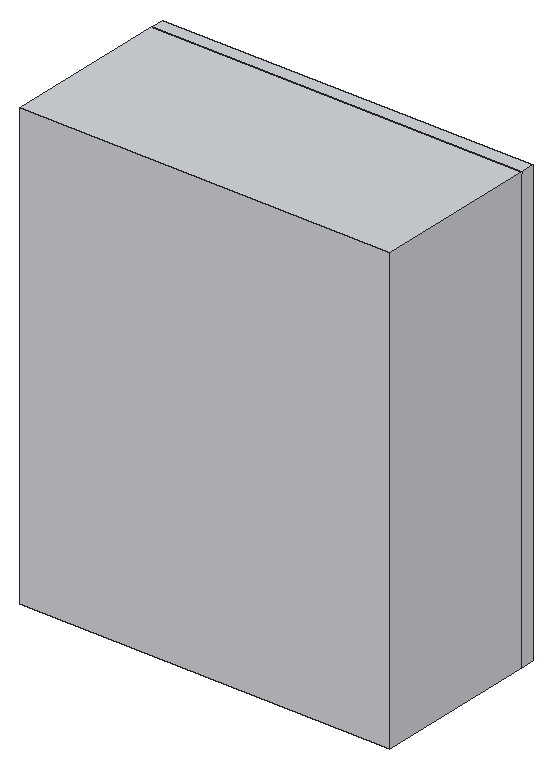
Revit family
Parameters (values of type "600 x 720 x 290mm")
  Width = 600 mm
  Materiale = none
  Manufacturer = "Revit"
  Height = 720 mm
  Maniglia = none
  Vetro = Glass
  Depth = 290 mm
  Assembly Code = ""
Types (3, lengths in mm): name | Width | Assembly Code
  400 x 720 x 290mm | 400 | "C1030400"
  500 x 720 x 290mm | 500 | "C1030400"
  600 x 720 x 290mm | 600 | ""
Reference planes
  plane 1: y = 0
  plane 2 "Center (Left/Right)": x = 175
  plane 3 "Back": y = 75
  plane 4: z = 2039.786
  plane 5: z = 1319.786
  plane 6: x = 475
  plane 7: x = -125
  plane 8: y = 365
Forms (mm)
  Extrusion 1, solid, material <- "Materiale"
    sketch origin (0, 0, 0) x (1, 0, 0) y (0, 1, 0)
      loop
        line (-125, 343) -> (-125, 75) -> (475, 75) -> (475, 343) -> (453, 343) -> (453, 97) -> (-103, 97) -> (-103, 343) -> (-125, 343)
    from 1341.786 to 2017.786
  Extrusion 2, solid, material <- "Materiale"
    sketch origin (0, 0, 2017.786) x (1, 0, 0) y (0, 1, 0)
      loop
        line (-125, 343) -> (-125, 75) -> (475, 75) -> (475, 343) -> (-125, 343)
    from 0 to 22
  Extrusion 3, solid, material <- "Materiale"
    sketch origin (0, 0, 1319.786) x (1, 0, 0) y (0, 1, 0)
      loop
        line (-125, 343) -> (-125, 75) -> (475, 75) -> (475, 343) -> (-125, 343)
    from 0 to 22
  Extrusion 4, solid, material <- "Materiale"
    sketch origin (475, 343, 2017.786) x (0, 0, -1) y (-1, 0, 0)
      loop
        line (-22, 0) -> (698, 0) -> (698, 600) -> (-22, 600) -> (-22, 0)
      loop
        line (58, 80) -> (598, 80) -> (598, 520) -> (58, 520) -> (58, 80)
    from 0 to 22
  Extrusion 5, solid, material "Glass" <- "Vetro"
    sketch origin (475, 353.5, 2017.786) x (0, 0, -1) y (-1, 0, 0)
      loop
        line (58, 80) -> (598, 80) -> (598, 520) -> (58, 520) -> (58, 80)
    from 0 to 8
Cuts and joins
  joined: Extrusion 1, Extrusion 2, Extrusion 3
Text (mm)
  text "Placement side" at (-1343.702, 674.496, 0), in view "Ref. Level"
  text "Placement side" at (0, 1232.041, 2958.779), in view "Left"
  text "Placement side" at (0, 590.385, 3035.99), in view "Right"
Dimensions and locks
  locked: plane 3 "Back" to host wall at 0
  "Depth": plane 3 "Back" to plane 8
  equal spacing: plane 7, plane 2 "Center (Left/Right)", plane 6
  "Height": plane 5 to plane 4
  "Width": plane 6 to plane 7
  locked: Extrusion 4 sketch curve to Extrusion 4 sketch curve at 100
  locked: Extrusion 4 sketch curve to Extrusion 4 sketch curve at 80  (x3)
  aligned and locked: plane 1 to host wall
  aligned and locked: Extrusion 1 sketch curve to plane 7
  aligned and locked: plane 6 to Extrusion 1 sketch curve
  aligned and locked: plane 3 "Back" to Extrusion 1 sketch curve
  aligned and locked: Extrusion 2 to plane 4
  aligned and locked: Extrusion 1 to Extrusion 2
  aligned and locked: Extrusion 1 to Extrusion 3
  aligned and locked: plane 5 to Extrusion 3
  aligned and locked: Extrusion 4 sketch curve to Extrusion 2
  aligned and locked: Extrusion 4 sketch curve to Extrusion 3  (x2)
  aligned and locked: plane 8 to nested 1
  aligned and locked: nested 1 to plane 2 "Center (Left/Right)"
Automatic sketch dimensions
  plane 7 to Extrusion 1 sketch curve = 22 mm
  Extrusion 1 sketch curve to plane 6 = 22 mm
  host wall to Extrusion 1 sketch curve = 22 mm
  plane 8 to Extrusion 1 sketch curve = 22 mm  (x2)
  Extrusion 2 sketch curve to host wall = 0 mm
  Extrusion 2 sketch curve to plane 7 = 0 mm
  Extrusion 2 sketch curve to plane 6 = 0 mm
  plane 8 to Extrusion 2 sketch curve = 22 mm
  Extrusion 3 sketch curve to host wall = 0 mm
  Extrusion 3 sketch curve to plane 7 = 0 mm
  Extrusion 3 sketch curve to plane 6 = 0 mm
  plane 8 to Extrusion 3 sketch curve = 22 mm
  plane 4 to Extrusion 5 sketch curve = 80 mm
  Extrusion 5 sketch curve to plane 5 = 100 mm
  Extrusion 5 sketch curve to plane 6 = 80 mm
  plane 7 to Extrusion 5 sketch curve = 80 mm
  Extrusion 4 sketch curve to plane 4 = 0 mm
Nested families
  nested 1: "Casework Handle" at (449.877, 388, 1369.786), type "220 x 23mm"
Definition of nested family "Casework Handle"
  Parameters (values of type "220 x 23mm")
    Material = none
  Reference planes
    plane 1 "Center (Front/Back)": y = 0
    plane 2: z = 0
    plane 3 "Center (Left/Right)": x = -274.877
    plane 4: x = -384.877
    plane 5: x = -164.877
    plane 6: y = 23
    plane 7: z = 12
  Forms (mm)
    Sweep 1, solid, material <- "Material"
      path origin (0, 0, 0) x (1, 0, 0) y (0, 1, 0)
        loop
          line (-384.877, 23) -> (-384.877, 2.5)
          arc (-384.877, 2.5) -> (-384.145, 0.732) -> (-382.377, 0) r 2.5
          line (-382.377, 0) -> (-167.377, 0)
          arc (-167.377, 0) -> (-165.609, 0.732) -> (-164.877, 2.5) r 2.5
          line (-164.877, 2.5) -> (-164.877, 23)
      profile origin (0, 12.75, 0) x (1, 0, 0) y (0, 0, 1)
        loop
          line (-384.877, 0) -> (-382.877, 0) -> (-382.877, 12) -> (-384.877, 12) -> (-384.877, 0)
    Extrusion 2, solid, material <- "Material"
      sketch origin (0, 0, 0) x (1, 0, 0) y (0, 1, 0)
        loop
          arc (-382.877, 2.5) -> (-382.731, 2.146) -> (-382.377, 2) r 0.5
          line (-382.377, 2) -> (-167.377, 2)
          arc (-167.377, 2) -> (-167.023, 2.146) -> (-166.877, 2.5) r 0.5
          line (-166.877, 2.5) -> (-166.877, 23) -> (-382.877, 23) -> (-382.877, 2.5)
      from 2.765 to 9.254
  Dimensions and locks
    equal spacing: plane 4, plane 3 "Center (Left/Right)", plane 5
